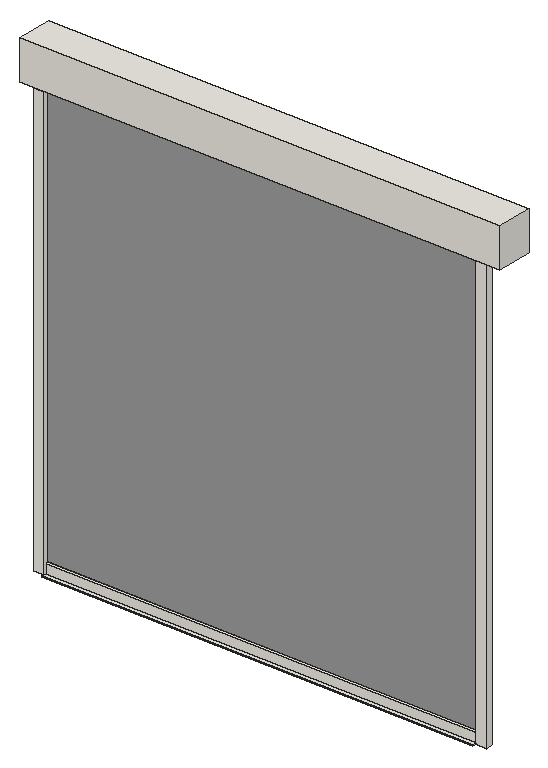
Revit family "Rolling-Security-Grille_Cornell_SmokeShield_Fabric-Smoke-Fire_ERF20__1", category Specialty Equipment, Revit 2018
Family settings
  Round Connector Dimension = Use Diameter
  Part Type = Normal
  OmniClass Number = 23.25.40.17.21
  OmniClass Title = Coiling Partitions
  Work Plane-Based = Yes
  Always vertical = Yes
  Cut with Voids When Loaded = No
  Shared = No
  Room Calculation Point = No
Parameters (values of type "Face Of Wall")
  Voltage = 115 V  # constant formula
  SideClearance = if(Face of Wall, 0' 6 3/4", 0' 6")  # 0' - 6 3/4"
  Power Factor = 1
  Phase = 1
  Opening Width MIN = 4' - 0"  # constant formula
  Opening Width MAX = 22' - 0"
  URL = "https://www.cornelliron.com/"
  Tube Height = Assembly Height - Hood Height - 0' 0 1/8"  # 10' - 0 3/8"
  Sizing Disclaimer = "Openings up to 57' wide and 20' high are standard construction. Consult Manufacturer for larger sizes"  # constant formula
  Product data url = "https://www.bimobject.com/cornellironworks/product/smokeshield-fabric-smoke-fire"
  Product Guid = "36292d1d-1939-4b07-8c08-6d6e85bfdb18"
  Opening Width = 10' - 0"
  Opening Height = 10' - 0"
  Number of Poles = 1
  Model = "ERF20"
  Manufacturer = "Cornell"  # constant formula
  Hood = Metal - Cornell - Steel RAL9010
  Opening Height MIN = 6' - 0"  # constant formula
  Opening Height MAX = 20' - 0"  # constant formula
  Guides = Metal - Cornell - Steel RAL9010
  Mounting = if(Face of Wall, "Face Of Wall", "Between Jambs")  # "Face Of Wall"
  Face of Wall = yes
  Electrical Notes = "For more information on the Electrical requirements please contact the manufacturer"  # constant formula
  Edition number = 1
  Distance Between Guides = if(Face of Wall, Opening Width, Opening Width - 1' 0")  # 10' - 0"
  Description = "Model ERF20\r\n\r\nFIRE PROTECTION ALTERNATIVES FOR DESIGN VISIONARIES\r\n\r\nLIMITLESS DESIGN FREEDON\r\nWe've take our nearly 100 years of experience in Smoke and Fire protection and annovated the SmokeShield Smoke and Fire. This curtain is an alternate method solution that allows the design visionary to pursue more unique layouts for atriums and other areas requiring compartmentalization.\r\n\r\n\r\nPERFORMANCE WHILE MINIMIZING COSTS\r\nSmokeShield Smoke and Fire's patented GuideLockTM technology positively seals the curtain within the guide channels, stopping smoke and fire migration in its tracks. Using this system can allow you to minimize or eliminate expensive smoke extraction systems, resulting in savings of weight, space and cost.\r\n\r\nAESTHETICS\r\nDesign versatility allows guide surfaces to be easily concealed in wood, masonry, sheetrock or other fascia materials, offering the boadest range of mounting possibilities. Any exposed guides or bottom bars can be finished to match, complement, or contrast their surroundings with custom powder coat finishes. Finally, fasteners and shadow lines are invisible with our unique guide design.\r\n\r\n\r\nSPACE\r\nThe headroom, backroom, and sideroom requirements are minimal and easily incorporated into your design.\r\nAdditionally the guide footprints for the SmokeShield Smoke and Fire are one of the smallest available.\r\n\r\n"  # constant formula
  Default Elevation = 0' - 0"
  Custom Size Warning = if(or(Opening Height > Opening Height MAX, Opening Width > Opening Width MAX), "The size entered exceeds the maximum allowed tolerance. The model will revert to the maximum allowed size.", if(or(Opening Height < Opening Height MIN, Opening Width < Opening Width MIN), "The size entered is smaller than the minumum allowed tolerance. The model will revert to the minimum allowed size", "Size Available"))  # "Size Available"
  Curtain = Newtex - Cornell - F920
  Connector Description = "Control box cable (Controller Can be Remotely Mounted)"  # constant formula
  Connector Angle = if(Face of Wall, 90.00°, 0.00°)  # 90.00°
  Bottom Bar = Metal - Cornell - Steel RAL9010
  Hood Height = if(Actual Width < 19' 0", if(Actual Height < 11' 1", 0' 11", if(Actual Height < 16' 1", 1' 0", 1' 1")), if(Actual Height < 11' 1", 1' 5", if(Actual Height < 16' 1", 1' 5", 0' 10")))  # 0' - 11"
  Between Jambs = not(Face of Wall)  # no
  Assembly Height = if(Face of Wall, Actual Height + 0' 0 1/2" + Hood Height, Actual Height)  # 10' - 11 1/2"
  Assembly Code = ""
  Actual Width = if(Opening Width > Opening Width MAX, Opening Width MAX, if(Opening Width < Opening Width MIN, Opening Width MIN, Opening Width))  # 10' - 0"
  Actual Height = if(Opening Height > Opening Height MAX, Opening Height MAX, if(Opening Height < Opening Height MIN, Opening Height MIN, Opening Height))  # 10' - 0"
  Hood Depth = if(Actual Height < 11' 1", 0' 10", if(Actual Height < 16' 1", 0' 11", 1' 0"))  # 0' - 10"
Types (2): name | SideClearance | Power Factor | Tube Height | Mounting | Face of Wall | Distance Between Guides | Connector Angle | Between Jambs | Assembly Height
  Face Of Wall | 0' - 6 3/4" | 1 | 10' - 0 3/8" | "Face Of Wall" | yes | 10' - 0" | 90.00° | no | 10' - 11 1/2"
  Between Jambs | 0' - 6" | 0 | 9' - 0 7/8" | "Between Jambs" | no | 9' - 0" | 0.00° | yes | 10' - 0"
Reference planes (in)
  plane 1 "Center (Front/Back)": y = -3
  plane 2: z = 0
  plane 3 "Center (Left/Right)": x = 0
  plane 4: x = -60
  plane 5: x = 60
  plane 6: z = 120
  plane 7: z = 3
  plane 8: z = 120.5
  plane 9: y = -3
  plane 10: x = 62.25
  plane 11: x = -62.25
  plane 12: y = -2
  plane 13: y = -3
  plane 14: z = 131.5
  plane 15: z = 131.5
  plane 16: y = 7
  plane 17: y = -1.25
  plane 18: y = -0.0625
  plane 19: y = -3.9375
  plane 20: x = -66.75
  plane 21: x = 66.75
  plane 22: z = 129.75
Forms (in)
  Extrusion 1, solid, material "Newtex - Cornell - F920" <- "Curtain"
    sketch origin (0, 0, 0) x (1, 0, 0) y (0, 1, 0)
      loop
        line (-62.25, -1.875) -> (-62.25, -2.125) -> (62.25, -2.125) -> (62.25, -1.875) -> (-62.25, -1.875)
    from 3 to 120.5
  Extrusion 2, solid, material "Metal - Cornell - Steel RAL9010" <- "Bottom Bar"
    sketch origin (0, 0, 0) x (0, 1, 0) y (0, 0, 1)
      loop
        line (-1.75, 3) -> (-2.25, 3) -> (-2.5, 2.56699) -> (-2.5, 0.125) -> (-3.9375, 0.125) -> (-3.9375, 0) -> (-0.0625, 0) -> (-0.0625, 0.125) -> (-1.5, 0.125) -> (-1.5, 2.56699) -> (-1.75, 3)
    from -60 to 60
  Extrusion 3, solid, material "Metal - Cornell - Steel RAL9010" <- "Hood"
    sketch origin (0, 0, 0) x (0, 1, 0) y (0, 0, 1)
      loop
        line (7, 131.5) -> (-3, 131.5) -> (-3, 120.5) -> (7, 120.5) -> (7, 131.5)
    from -66.75 to 66.75
  Extrusion 4, solid, material "Metal - Cornell - Steel RAL9010" <- "Guides"
    sketch origin (0, -4, 0) x (1, 0, 0) y (0, 1, 0)
      loop
        line (63, 2.75) -> (60, 2.75) -> (60, 2.125) -> (60.53302, 2.125) -> (60.53302, 2.25) -> (60.125, 2.25) -> (60.125, 2.625) -> (62.875, 2.625) -> (62.875, 1.125) -> (60.125, 1.125) -> (60.125, 1.75) -> (61, 1.75) -> (61, 1.875) -> (60, 1.875) -> (60, 1) -> (63, 1) -> (63, 2.75)
      loop
        line (-63, 2.75) -> (-63, 1) -> (-60, 1) -> (-60, 1.875) -> (-61, 1.875) -> (-61, 1.75) -> (-60.125, 1.75) -> (-60.125, 1.125) -> (-62.875, 1.125) -> (-62.875, 2.625) -> (-60.125, 2.625) -> (-60.125, 2.25) -> (-60.53302, 2.25) -> (-60.53302, 2.125) -> (-60, 2.125) -> (-60, 2.75) -> (-63, 2.75)
    from 0 to 120.5
  Extrusion 5, solid, not visible
    sketch origin (-60, -1.25, 129.75) x (0, -1, 0) y (-1, 0, 0)
      loop
        circle (0.00304, -0.00304) r 0.75
    from 0 to -1.75
Lines and regions (in)
  Masking region 1
    outline origin (0, 0, 0) x (1, 0, 0) y (0, 1, 0)
      loop
        line (-66.75, 7) -> (-66.75, -3) -> (66.75, -3) -> (66.75, 7) -> (-66.75, 7)
  Masking region 2
    outline origin (0, 0, 0) x (1, 0, 0) y (0, 1, 0)
      loop
        line (-60, -3) -> (-60, -3.9375) -> (60, -3.9375) -> (60, -3) -> (-60, -3)
  reference lines
    curve 1: line (-60, -1.25, 129.75) -> (-60, -1.25, 131.5)
Dimensions and locks (in)
  equal spacing: plane 5, plane 3 "Center (Left/Right)", plane 4
  "Distance Between Guides": plane 5 to plane 4
  locked: plane 11 to plane 4 at 2.25
  locked: plane 5 to plane 10 at 2.25
  locked: plane 13 to plane 12 at 1
  locked: plane 12 to plane 9 at 1
  "Hood Height": plane 14 to plane 8
  plane 14 to plane 8 = 0' - 11"
  plane 1 "Center (Front/Back)" to plane 16 = 0' - 10"
  locked: plane 8 to plane 6 at 0.5
  locked: plane 7 to plane 2 at 3
  locked: plane 17 to plane 12 at 0.75
  locked: plane 5 to Extrusion 4 sketch curve at 3
  locked: Extrusion 4 sketch curve to plane 4 at 3
  "Hood Depth": plane 16 to plane 9
  equal spacing: plane 18, plane 12, plane 19
  locked: plane 18 to plane 19 at 3.875
  locked: Extrusion 2 sketch curve to plane 12 at 0.5
  locked: plane 12 to Extrusion 2 sketch curve at 0.5
  "SideClearance": plane 5 to plane 21
  "SideClearance": plane 20 to plane 4
  "Assembly Height": plane 15 to level
  locked: plane 15 to plane 22 at 1.75
  "Connector Angle": angle plane 22 to curve 1
  aligned and locked: level to plane 2
  aligned and locked: Extrusion 1 sketch curve to plane 10
  aligned and locked: plane 11 to Extrusion 1 sketch curve
  aligned and locked: plane 8 to Extrusion 1
  aligned and locked: Extrusion 1 to plane 7
  aligned and locked: plane 14 to Extrusion 3 sketch curve
  aligned and locked: Extrusion 3 sketch curve to plane 16
  aligned and locked: Extrusion 3 to plane 8
  aligned and locked: plane 15 to plane 14
  aligned and locked: Extrusion 4 sketch curve to Extrusion 4 sketch curve  (x4)
  aligned and locked: plane 1 "Center (Front/Back)" to plane 9
  aligned and locked: Extrusion 4 sketch curve to plane 17
  aligned and locked: plane 5 to Extrusion 4 sketch curve
  aligned and locked: plane 4 to Extrusion 4 sketch curve
  aligned and locked: Extrusion 1 sketch curve to Extrusion 4  (x2)
  aligned and locked: Extrusion 2 to plane 4
  aligned and locked: plane 5 to Extrusion 2
  aligned and locked: nested 2 to Extrusion 4
  aligned and locked: nested 2 to plane 13
  aligned and locked: nested 1 to Extrusion 4
  aligned and locked: plane 9 to nested 1
  aligned and locked: plane 21 to Extrusion 3
  aligned and locked: Extrusion 3 to plane 20
  aligned and locked: Masking region 1 to plane 20
  aligned and locked: plane 21 to Masking region 1
  aligned and locked: Extrusion 4 to Masking region 2 sketch curve
  aligned and locked: Masking region 2 sketch curve to Extrusion 4
  aligned and locked: Masking region 2 sketch curve to Extrusion 2  (x2)
  aligned and locked: plane 8 to Extrusion 4
  aligned and locked: plane 22 to curve 1
  aligned and locked: plane 17 to curve 1
Automatic sketch dimensions
  Extrusion 3 sketch curve to plane 1 "Center (Front/Back)" = 0' - 0"
  Extrusion 3 sketch curve to plane 8 = 0' - 0"
  plane 16 to Masking region 1 sketch curve = 0' - 0"
  Masking region 1 sketch curve to plane 1 "Center (Front/Back)" = 0' - 0"
  Masking region 1 sketch curve to plane 4 = 0' - 6 3/4"
  plane 5 to Masking region 1 sketch curve = 0' - 6 3/4"
  Extrusion 4 sketch curve to plane 17 = 0' - 0"
  Extrusion 4 sketch curve to plane 1 "Center (Front/Back)" = 0' - 0"
  plane 1 "Center (Front/Back)" to Extrusion 4 sketch curve = 0' - 0"
  Extrusion 4 sketch curve to plane 4 = 0' - 0 1/8"
  plane 12 to Extrusion 4 sketch curve = 0' - 0 1/8"  (x2)
  Extrusion 4 sketch curve to Extrusion 4 sketch curve = 0' - 0.40802"  (x2)
  Extrusion 4 sketch curve to plane 12 = 0' - 0 1/4"
  Extrusion 4 sketch curve to Extrusion 4 sketch curve = 0' - 0.46698"  (x2)
  Extrusion 4 sketch curve to plane 1 "Center (Front/Back)" = 0' - 0 1/8"  (x2)
  Extrusion 4 sketch curve to Extrusion 4 sketch curve = 0' - 0 1/8"  (x5)
  plane 5 to Extrusion 4 sketch curve = 0' - 0 1/8"
  Extrusion 4 sketch curve to plane 12 = 0' - 0 1/8"  (x2)
  plane 17 to Extrusion 4 sketch curve = 0' - 0 1/8"  (x2)
  Extrusion 2 sketch curve to level = 0' - 0"
  Extrusion 2 sketch curve to plane 19 = 0' - 0"
  Extrusion 2 sketch curve to plane 7 = 0' - 0"
  Extrusion 2 sketch curve to plane 18 = 0' - 0"
  level to Extrusion 2 sketch curve = 0' - 0 1/8"  (x2)
  Extrusion 2 sketch curve to plane 7 = 0' - 0.43301"  (x2)
  Extrusion 2 sketch curve to Extrusion 2 sketch curve = 0' - 0 1/4"  (x2)
  plane 4 to Extrusion 5 sketch curve = 0' - 0.00304"
  plane 17 to Extrusion 5 sketch curve = 0' - 0.00304"
  radius of Extrusion 5 sketch curve = 0' - 0 3/4"
Nested families (in)
  nested 1: "Tube" at (-64.5, -1.5, 0), visible <- "Between Jambs", type "Tube"
    with Height 10' - 0 3/8"
  nested 2: "Tube" at (64.5, -1.5, 0) x (-1, 0, 0) z (0, 0, 1), visible <- "Between Jambs", type "Tube"
    with Height 10' - 0 3/8"
Connectors (in)
  electrical at (-59.99696, -1.25304, 131.5), driven by "Number of Poles", driven by "Voltage", driven by "Power Factor", driven by "Connector Description"
    settings: on Extrusion 5, index 1, voltage 115 V, apparent load 0 VA, apparent load phase1 0 VA, apparent load phase2 0 VA, apparent load phase3 0 VA, power factor 1, load classification "Other", number of poles 1, system type 31, power factor state 1, is connector primary yes, connector utility no, sub classification motor no, connector description "Control box cable (Controller Can be Remotely Mounted)"
Definition of nested family "Tube"
  Parameters (values of type "Tube")
    Height = 10' - 7.09806"
    Guides = none
  Reference planes (in)
    plane 1 "Center (Front/Back)": y = 0
    plane 2: z = 0
    plane 3 "Center (Left/Right)": x = 0
    plane 4: z = 127.09806
    plane 5: x = -1.5
    plane 6: x = 1.5
    plane 7: y = -1.5
    plane 8: y = 1.5
  Forms (in)
    Extrusion 1, solid, material <- "Guides"
      sketch origin (76.5, 5.5, 0) x (1, 0, 0) y (0, 1, 0)
        loop
          line (-75.25, -4) -> (-77.75, -4)
          arc (-77.75, -4) -> (-77.92678, -4.07322) -> (-78, -4.25) r 0.25
          line (-78, -4.25) -> (-78, -6.75)
          arc (-78, -6.75) -> (-77.92678, -6.92678) -> (-77.75, -7) r 0.25
          line (-77.75, -7) -> (-75.25, -7)
          arc (-75.25, -7) -> (-75.07322, -6.92678) -> (-75, -6.75) r 0.25
          line (-75, -6.75) -> (-75, -4.25)
          arc (-75, -4.25) -> (-75.07322, -4.07322) -> (-75.25, -4) r 0.25
        loop
          line (-77.875, -4.25) -> (-77.875, -6.75)
          arc (-77.875, -6.75) -> (-77.83839, -6.83839) -> (-77.75, -6.875) r 0.125
          line (-77.75, -6.875) -> (-75.25, -6.875)
          arc (-75.25, -6.875) -> (-75.16161, -6.83839) -> (-75.125, -6.75) r 0.125
          line (-75.125, -6.75) -> (-75.125, -4.25)
          arc (-75.125, -4.25) -> (-75.16161, -4.16161) -> (-75.25, -4.125) r 0.125
          line (-75.25, -4.125) -> (-77.75, -4.125)
          arc (-77.75, -4.125) -> (-77.83839, -4.16161) -> (-77.875, -4.25) r 0.125
      from 0 to 127.09806
    Extrusion 2, solid, material <- "Guides"
      sketch origin (26.77927, 10, -8.77694) x (1, 0, 0) y (0, 1, 0)
        loop
          line (-25.27927, -11.25) -> (-25.27927, -8.75)
          arc (-25.27927, -8.75) -> (-25.35249, -8.57322) -> (-25.52927, -8.5) r 0.25
          line (-25.52927, -8.5) -> (-28.02927, -8.5)
          arc (-28.02927, -8.5) -> (-28.20604, -8.57322) -> (-28.27927, -8.75) r 0.25
          line (-28.27927, -8.75) -> (-28.27927, -11.25)
          arc (-28.27927, -11.25) -> (-28.20604, -11.42678) -> (-28.02927, -11.5) r 0.25
          line (-28.02927, -11.5) -> (-25.52927, -11.5)
          arc (-25.52927, -11.5) -> (-25.35249, -11.42678) -> (-25.27927, -11.25) r 0.25
      from 135.875 to 136
  Lines and regions (in)
    Masking region 1
      outline origin (0, 0, 0) x (1, 0, 0) y (0, 1, 0)
        loop
          line (-1.5, 1.25) -> (-1.5, -1.25)
          arc (-1.5, -1.25) -> (-1.42678, -1.42678) -> (-1.25, -1.5) r 0.25
          line (-1.25, -1.5) -> (1.25, -1.5)
          arc (1.25, -1.5) -> (1.42678, -1.42678) -> (1.5, -1.25) r 0.25
          line (1.5, -1.25) -> (1.5, 1.25)
          arc (1.5, 1.25) -> (1.42678, 1.42678) -> (1.25, 1.5) r 0.25
          line (1.25, 1.5) -> (-1.25, 1.5)
          arc (-1.25, 1.5) -> (-1.42678, 1.42678) -> (-1.5, 1.25) r 0.25
  Dimensions and locks (in)
    locked: Extrusion 2 to plane 4 at 0.125
    "Height": plane 4 to level
    aligned and locked: plane 2 to level
    aligned and locked: Extrusion 2 sketch curve to Extrusion 1  (x4)
    aligned and locked: plane 4 to Extrusion 1
    aligned and locked: Extrusion 2 to plane 4
    aligned and locked: Extrusion 1 to level
    aligned and locked: Masking region 1 sketch curve to Extrusion 1  (x4)
  Automatic sketch dimensions
    Extrusion 1 sketch curve to Extrusion 1 sketch curve = 0' - 0"  (x8)
    Extrusion 1 sketch curve to plane 3 "Center (Left/Right)" = 0' - 1 1/2"
    Extrusion 1 sketch curve to Extrusion 1 sketch curve = 0' - 0 1/8"  (x4)
    plane 3 "Center (Left/Right)" to Extrusion 1 sketch curve = 0' - 1 1/4"  (x2)
    plane 1 "Center (Front/Back)" to Extrusion 1 sketch curve = 0' - 1 1/2"
    Extrusion 1 sketch curve to plane 1 "Center (Front/Back)" = 0' - 1 1/4"
